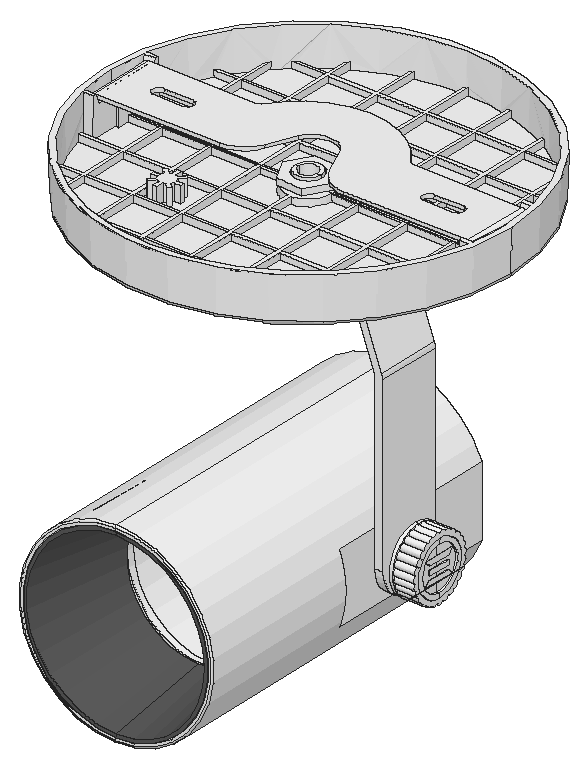
Revit family "STL22001BR_STL22001PTO", category Luminárias, Revit 2023 (continued)
Forms (m)
  Extrusion 66, void, not visible
    sketch origin (-0.567181, 0.000106, 2.344897) x (0, -1, 0) y (1, 0, 0)
      loop
        line (0.023624, 0.290159) -> (0.009543, 0.290159) -> (0.009543, 0.276078) -> (0.023624, 0.276078) -> (0.023624, 0.290159)
      loop
        line (0.041699, 0.290159) -> (0.024618, 0.290159) -> (0.024618, 0.276078) -> (0.041699, 0.276078) -> (0.041699, 0.290159)
      loop
        line (-0.066826, 0.290159) -> (-0.083907, 0.290159) -> (-0.083907, 0.276078) -> (-0.066826, 0.276078) -> (-0.066826, 0.290159)
      loop
        line (-0.006526, 0.305234) -> (-0.020607, 0.305234) -> (-0.020607, 0.291153) -> (-0.006526, 0.291153) -> (-0.006526, 0.305234)
      loop
        line (0.008549, 0.305234) -> (-0.005532, 0.305234) -> (-0.005532, 0.291153) -> (0.008549, 0.291153) -> (0.008549, 0.305234)
      loop
        line (-0.021601, 0.305234) -> (-0.035682, 0.305234) -> (-0.035682, 0.291153) -> (-0.021601, 0.291153) -> (-0.021601, 0.305234)
      loop
        line (-0.036676, 0.305234) -> (-0.050757, 0.305234) -> (-0.050757, 0.291153) -> (-0.036676, 0.291153) -> (-0.036676, 0.305234)
      loop
        line (-0.051751, 0.305234) -> (-0.065832, 0.305234) -> (-0.065832, 0.291153) -> (-0.051751, 0.291153) -> (-0.051751, 0.305234)
      loop
        line (0.023624, 0.305234) -> (0.009543, 0.305234) -> (0.009543, 0.291153) -> (0.023624, 0.291153) -> (0.023624, 0.305234)
      loop
        line (0.038699, 0.305234) -> (0.024618, 0.305234) -> (0.024618, 0.291153) -> (0.038699, 0.291153) -> (0.038699, 0.305234)
      loop
        line (-0.066826, 0.305234) -> (-0.080907, 0.305234) -> (-0.080907, 0.291153) -> (-0.066826, 0.291153) -> (-0.066826, 0.305234)
      loop
        line (-0.006526, 0.320309) -> (-0.020607, 0.320309) -> (-0.020607, 0.306228) -> (-0.006526, 0.306228) -> (-0.006526, 0.320309)
      loop
        line (0.008549, 0.320309) -> (-0.005532, 0.320309) -> (-0.005532, 0.306228) -> (0.008549, 0.306228) -> (0.008549, 0.320309)
      loop
        line (-0.021601, 0.320309) -> (-0.035682, 0.320309) -> (-0.035682, 0.306228) -> (-0.021601, 0.306228) -> (-0.021601, 0.320309)
      loop
        line (-0.036676, 0.320309) -> (-0.050757, 0.320309) -> (-0.050757, 0.306228) -> (-0.036676, 0.306228) -> (-0.036676, 0.320309)
      loop
        line (-0.051751, 0.320309) -> (-0.065832, 0.320309) -> (-0.065832, 0.306228) -> (-0.051751, 0.306228) -> (-0.051751, 0.320309)
      loop
        line (0.023624, 0.320309) -> (0.009543, 0.320309) -> (0.009543, 0.306228) -> (0.023624, 0.306228) -> (0.023624, 0.320309)
      loop
        line (0.038699, 0.320309) -> (0.024618, 0.320309) -> (0.024618, 0.306228) -> (0.038699, 0.306228) -> (0.038699, 0.320309)
      loop
        line (-0.066826, 0.320309) -> (-0.080907, 0.320309) -> (-0.080907, 0.306228) -> (-0.066826, 0.306228) -> (-0.066826, 0.320309)
      loop
        line (-0.006526, 0.338384) -> (-0.020607, 0.338384) -> (-0.020607, 0.321303) -> (-0.006526, 0.321303) -> (-0.006526, 0.338384)
      loop
        line (0.008549, 0.335384) -> (-0.005532, 0.335384) -> (-0.005532, 0.321303) -> (0.008549, 0.321303) -> (0.008549, 0.335384)
      loop
        line (-0.021601, 0.338384) -> (-0.035682, 0.338384) -> (-0.035682, 0.321303) -> (-0.021601, 0.321303) -> (-0.021601, 0.338384)
      loop
        line (-0.036676, 0.335384) -> (-0.050757, 0.335384) -> (-0.050757, 0.321303) -> (-0.036676, 0.321303) -> (-0.036676, 0.335384)
      loop
        line (-0.051751, 0.335384) -> (-0.065832, 0.335384) -> (-0.065832, 0.321303) -> (-0.051751, 0.321303) -> (-0.051751, 0.335384)
      loop
        line (0.023624, 0.335384) -> (0.009543, 0.335384) -> (0.009543, 0.321303) -> (0.023624, 0.321303) -> (0.023624, 0.335384)
    from 0.127043 to 0.129053
  Revolve 67, void, not visible
    sketch origin (-0.567181, 0.02121, -0.037103) x (1, 0, 0) y (0, 0, 1)
      loop
        line (0.285634, 2.509043) -> (0.283094, 2.509043) -> (0.282996, 2.511053) -> (0.275581, 2.511053) -> (0.275581, 2.505023) -> (0.285423, 2.505023) -> (0.285634, 2.509043)
      axis (0.275581, 2.505023) -> (0.275581, 2.511053)
    angle from 0 to 360
  Extrusion 68, solid, material "Al - Branco" <- "Estrutura", not visible
    sketch origin (-0.567181, 0.000106, 2.344897) x (0, -1, 0) y (1, 0, 0)
      loop
        line (-0.001586, 0.247629) -> (-0.000756, 0.246799) -> (0.000883, 0.248437)
        arc (0.000883, 0.248437) -> (0.001234, 0.248258) -> (0.001609, 0.248134) r 0.002577
        line (0.001609, 0.248134) -> (0.001609, 0.245928) -> (0.002783, 0.245928) -> (0.002783, 0.24812)
        arc (0.002783, 0.24812) -> (0.003169, 0.248238) -> (0.003532, 0.248415) r 0.002577
        line (0.003532, 0.248415) -> (0.005148, 0.246799) -> (0.005979, 0.247629) -> (0.004382, 0.249226)
        arc (0.004382, 0.249226) -> (0.004583, 0.249596) -> (0.004721, 0.249994) r 0.002577
        line (0.004721, 0.249994) -> (0.006958, 0.249994) -> (0.006958, 0.251168) -> (0.004747, 0.251168)
        arc (0.004747, 0.251168) -> (0.00462, 0.251588) -> (0.004424, 0.251979) r 0.002577
        line (0.004424, 0.251979) -> (0.005979, 0.253533) -> (0.00514, 0.254372) -> (0.003589, 0.252822)
        arc (0.003589, 0.252822) -> (0.0032, 0.253021) -> (0.002783, 0.253151) r 0.002577
        line (0.002783, 0.253151) -> (0.002783, 0.255343) -> (0.001609, 0.255343) -> (0.001609, 0.253137)
        arc (0.001609, 0.253137) -> (0.001203, 0.253) -> (0.000825, 0.252798) r 0.002577
        line (0.000825, 0.252798) -> (-0.000756, 0.254364) -> (-0.001586, 0.253533) -> (0.000005, 0.251942)
        arc (0.000005, 0.251942) -> (-0.000176, 0.251567) -> (-0.000295, 0.251168) r 0.002577
        line (-0.000295, 0.251168) -> (-0.002566, 0.251168) -> (-0.002566, 0.249994) -> (-0.000269, 0.249994)
        arc (-0.000269, 0.249994) -> (-0.00014, 0.249616) -> (0.000046, 0.249262) r 0.002577
        line (0.000046, 0.249262) -> (-0.001586, 0.247629)
    from 0.127043 to 0.132043
  Extrusion 69, solid, material "Al - Branco" <- "Estrutura", not visible
    sketch origin (-0.568282, 0.18023, 0.036664) x (1, 0, 0) y (0, 0, 1)
      loop
        line (0.217541, 2.445054) -> (0.217541, 2.434804) -> (0.218541, 2.434804) -> (0.218541, 2.444972)
        arc (0.218541, 2.444972) -> (0.218708, 2.445375) -> (0.219111, 2.445542) r 0.00057
        line (0.219111, 2.445542) -> (0.334271, 2.445542)
        arc (0.334271, 2.445542) -> (0.334674, 2.445375) -> (0.334841, 2.444972) r 0.00057
        line (0.334841, 2.444972) -> (0.334841, 2.434804) -> (0.335841, 2.434804) -> (0.335841, 2.445054)
        arc (0.335841, 2.445054) -> (0.335401, 2.446114) -> (0.334341, 2.446554) r 0.0015
        line (0.334341, 2.446554) -> (0.219041, 2.446554)
        arc (0.219041, 2.446554) -> (0.21798, 2.446114) -> (0.217541, 2.445054) r 0.0015
    from 0.133879 to 0.169382
  Extrusion 70, void, not visible
    sketch origin (-0.568282, 0.159126, 2.418664) x (0, -1, 0) y (1, 0, 0)
      loop
        arc (0.123099, 0.256839) -> (0.114365, 0.276706) -> (0.123099, 0.296573) r 0.026962
        line (0.123099, 0.296573) -> (0.126919, 0.299483)
        arc (0.126919, 0.299483) -> (0.127439, 0.300141) -> (0.127578, 0.300967) r 0.001688
        line (0.127578, 0.300967) -> (0.127578, 0.336372) -> (0.112283, 0.336372) -> (0.112283, 0.217041) -> (0.127578, 0.217041) -> (0.127578, 0.252445)
        arc (0.127578, 0.252445) -> (0.127439, 0.253272) -> (0.126919, 0.253929) r 0.001688
        line (0.126919, 0.253929) -> (0.123099, 0.256839)
      loop
        arc (0.14215, 0.266722) -> (0.146607, 0.263037) -> (0.148278, 0.257502) r 0.01
        line (0.148278, 0.257502) -> (0.148278, 0.295911)
        arc (0.148278, 0.295911) -> (0.146607, 0.290375) -> (0.14215, 0.286691) r 0.01
        line (0.14215, 0.286691) -> (0.133999, 0.283268)
        arc (0.133999, 0.283268) -> (0.129638, 0.276706) -> (0.133999, 0.270145) r 0.007117
        line (0.133999, 0.270145) -> (0.14215, 0.266722)
      loop
        arc (0.135928, 0.230441) -> (0.137928, 0.228441) -> (0.139928, 0.230441) r 0.002
        line (0.139928, 0.230441) -> (0.139928, 0.239441)
        arc (0.139928, 0.239441) -> (0.137928, 0.241441) -> (0.135928, 0.239441) r 0.002
        line (0.135928, 0.239441) -> (0.135928, 0.230441)
      loop
        arc (0.135928, 0.313941) -> (0.137928, 0.311941) -> (0.139928, 0.313941) r 0.002
        line (0.139928, 0.313941) -> (0.139928, 0.322941)
        arc (0.139928, 0.322941) -> (0.137928, 0.324941) -> (0.135928, 0.322941) r 0.002
        line (0.135928, 0.322941) -> (0.135928, 0.313941)
    from 0.051744 to 0.065839
  Extrusion 71, void, not visible
    sketch origin (-0.559882, 0.159126, 0.036664) x (0, 1, 0) y (0, 0, 1)
      loop
        line (-0.148278, 2.434804) -> (-0.146278, 2.434804)
        arc (-0.146278, 2.434804) -> (-0.147693, 2.43539) -> (-0.148278, 2.436804) r 0.002
        line (-0.148278, 2.436804) -> (-0.148278, 2.434804)
      loop
        line (-0.127578, 2.434804) -> (-0.127578, 2.436804)
        arc (-0.127578, 2.436804) -> (-0.128164, 2.43539) -> (-0.129578, 2.434804) r 0.002
        line (-0.129578, 2.434804) -> (-0.127578, 2.434804)
      loop
        arc (-0.139678, 2.439804) -> (-0.137928, 2.438054) -> (-0.136178, 2.439804) r 0.00175
        line (-0.136178, 2.439804) -> (-0.136178, 2.440804)
        arc (-0.136178, 2.440804) -> (-0.137928, 2.442554) -> (-0.139678, 2.440804) r 0.00175
        line (-0.139678, 2.440804) -> (-0.139678, 2.439804)
    from 0.209141 to 0.327441
  Extrusion 72, solid, material "Al - Branco" <- "Estrutura", not visible
    sketch origin (-0.558781, 0.000106, -0.037103) x (0, 1, 0) y (0, 0, 1)
      loop
        line (0.008541, 2.509043) -> (0.033666, 2.509043) -> (0.033561, 2.521103) -> (0.008647, 2.521103) -> (0.008541, 2.509043)
    from 0.204546 to 0.211906
  Extrusion 73, void, not visible
    sketch origin (-0.558781, 0.000106, -0.037103) x (0, 1, 0) y (0, 0, 1)
      loop
        line (0.009572, 2.521103) -> (0.010551, 2.518088) -> (0.031656, 2.518088) -> (0.032636, 2.521103) -> (0.009572, 2.521103)
    from 0.204007 to 0.211906
  Revolve 74, void, not visible
    sketch origin (-0.567181, 0.02121, -0.037103) x (1, 0, 0) y (0, 0, 1)
      loop
        line (0.336363, 2.508007) -> (0.342572, 2.508007) -> (0.342572, 2.521103) -> (0.336594, 2.521103) -> (0.336363, 2.508007)
      axis (0.275581, 2.508007) -> (0.275581, 2.521103)
    angle from 0 to 360
  Extrusion 75, void, not visible
    sketch origin (-0.567181, 0.000106, 2.344897) x (0, -1, 0) y (1, 0, 0)
      loop
        line (-0.031656, 0.217362) -> (-0.031656, 0.214286) -> (-0.010551, 0.214286) -> (-0.010551, 0.217362) -> (-0.031656, 0.217362)
      loop
        line (-0.017084, 0.219195) -> (-0.008072, 0.219195) -> (-0.008072, 0.220723) -> (-0.017084, 0.220723) -> (-0.017084, 0.219195)
      loop
        line (-0.025124, 0.219195) -> (-0.025124, 0.220723) -> (-0.034136, 0.220723) -> (-0.034136, 0.219195) -> (-0.025124, 0.219195)
    from 0.127043 to 0.139103
  Extrusion 76, void, not visible
    sketch origin (-0.567181, 0.02121, -0.037103) x (1, 0, 0) y (0, 0, 1)
      loop
        line (0.219195, 2.518987) -> (0.21628, 2.518987) -> (0.21628, 2.516072) -> (0.219195, 2.518987)
    from -0.010552 to 0.010552
  Revolve 77, void, not visible
    sketch origin (-0.567181, 0.02121, -0.037103) x (1, 0, 0) y (0, 0, 1)
      loop
        line (0.216888, 2.513566) -> (0.221323, 2.513566) -> (0.221323, 2.514571) -> (0.216888, 2.514571) -> (0.216888, 2.513566)
      axis (0.216888, 2.514571) -> (0.221323, 2.514571)
    angle from 0 to 360
  Extrusion 78, solid, material "Al - Branco" <- "Estrutura", not visible
    sketch origin (-0.024189, 0.000106, -0.037103) x (0, 1, 0) y (0, 0, -1)
      loop
        line (0.008541, -2.509043) -> (0.008647, -2.521103) -> (0.033561, -2.521103) -> (0.033666, -2.509043) -> (0.008541, -2.509043)
    from 0.204546 to 0.211906
  Extrusion 79, void, not visible
    sketch origin (-0.024189, 0.000106, -0.037103) x (0, 1, 0) y (0, 0, -1)
      loop
        line (0.009572, -2.521103) -> (0.032636, -2.521103) -> (0.031656, -2.518088) -> (0.010551, -2.518088) -> (0.009572, -2.521103)
    from 0.204007 to 0.211906
  Extrusion 80, void, not visible
    sketch origin (-0.015789, 0.000106, 2.344897) x (0, 1, 0) y (-1, 0, 0)
      loop
        line (0.031656, 0.217362) -> (0.010551, 0.217362) -> (0.010551, 0.214286) -> (0.031656, 0.214286) -> (0.031656, 0.217362)
      loop
        line (0.017084, 0.219195) -> (0.017084, 0.220723) -> (0.008072, 0.220723) -> (0.008072, 0.219195) -> (0.017084, 0.219195)
      loop
        line (0.025124, 0.219195) -> (0.034136, 0.219195) -> (0.034136, 0.220723) -> (0.025124, 0.220723) -> (0.025124, 0.219195)
    from 0.127043 to 0.139103
  Revolve 81, void, not visible
    sketch origin (-0.015789, 0.02121, -0.037103) x (-1, 0, 0) y (0, 0, -1)
      loop
        line (0.216888, -2.513566) -> (0.216888, -2.514571) -> (0.221323, -2.514571) -> (0.221323, -2.513566) -> (0.216888, -2.513566)
      axis (0.216888, -2.514571) -> (0.221323, -2.514571)
    angle from 0 to 360
  Extrusion 82, solid, material "Al - Branco" <- "Estrutura", not visible
    sketch origin (-0.567181, 0.000106, 2.344897) x (0, -1, 0) y (1, 0, 0)
      loop
        line (-0.021424, 0.267505) -> (-0.014269, 0.271266) -> (-0.01395, 0.279343) -> (-0.020784, 0.283658) -> (-0.027939, 0.279896) -> (-0.028258, 0.27182) -> (-0.021424, 0.267505)
      loop
        circle (-0.021104, 0.275581) r 0.0045
    from 0.130323 to 0.132323
  Revolve 83, solid, material "Al - Branco" <- "Estrutura", not visible
    sketch origin (-0.567181, 0.02121, -0.037103) x (1, 0, 0) y (0, 0, 1)
      loop
        line (0.279051, 2.510293) -> (0.279051, 2.498523) -> (0.280779, 2.498523)
        arc (0.280779, 2.498523) -> (0.281345, 2.498757) -> (0.281579, 2.499323) r 0.0008
        line (0.281579, 2.499323) -> (0.281579, 2.500523) -> (0.279589, 2.500523) -> (0.279589, 2.515023) -> (0.278481, 2.515023) -> (0.278481, 2.509723) -> (0.279051, 2.510293)
      axis (0.275581, 2.498523) -> (0.275581, 2.515023)
    angle from 0 to 360
  Extrusion 84, void, not visible
    sketch origin (-0.016019, 0.02121, -0.037103) x (-1, 0, 0) y (0, 0, -1)
      loop
        line (0.219195, -2.518987) -> (0.21628, -2.516072) -> (0.21628, -2.518987) -> (0.219195, -2.518987)
    from -0.010552 to 0.010552
Cuts and joins
  Extrusion 2, Extrusion 3 cuts Revolve 1
  Extrusion 5, Extrusion 9 cuts Blend 4
  Extrusion 8, Extrusion 9, Revolve 10 cuts Revolve 7
  Extrusion 9 cuts Revolve 6
  Extrusion 23 cuts Revolve 21
  Extrusion 23, Extrusion 24 cuts Extrusion 22
  Extrusion 31 cuts Revolve 27
  Extrusion 34, Extrusion 46, Extrusion 54 cuts Revolve 33
  Extrusion 34, Extrusion 36, Revolve 37, Extrusion 45, Extrusion 49, Extrusion 50, Revolve 51, Extrusion 54 cuts Revolve 35
  Extrusion 54 cuts Extrusion 38
  Extrusion 43, Revolve 44, Extrusion 45, Extrusion 46, Revolve 47, Extrusion 49, Extrusion 50, Revolve 51, Extrusion 54 cuts Extrusion 42
  Revolve 44, Extrusion 49, Extrusion 50, Revolve 51, Extrusion 54 cuts Extrusion 48
  Extrusion 54 cuts Extrusion 52
  joined: Revolve 33, Revolve 35, Extrusion 38, Extrusion 42, Extrusion 48, Extrusion 52
  Extrusion 40, Extrusion 41 cuts Extrusion 39
Dimensions and locks (m)
  "Diâmetro do Spot": plane 10 to plane 9
  "Comprimento do Spot": plane 8 to plane 7
  "Altura do Spot": plane 6 "Superior" to plane 5
  "Diâmetro da canopla": plane 13 to plane 12
  aligned and locked: level to plane 2
  aligned and locked: Blend 4 to cut or joined group of Revolve 1, Extrusion 2, Extrusion 3  (x2)
  aligned and locked: Extrusion 22 to Extrusion 24
  aligned and locked: Extrusion 24 to Extrusion 22
  aligned and locked: Extrusion 28 to Extrusion 30
  aligned and locked: Extrusion 30 to Revolve 32
  aligned and locked: Extrusion 56 to Extrusion 58
  aligned and locked: Extrusion 58 to Revolve 60
Automatic sketch dimensions
  Revolve 61 sketch curve to Revolve 61 sketch curve = 0.019185 m
  Revolve 61 sketch curve to Revolve 61 sketch curve = 0 m  (x4)
  Revolve 61 sketch curve to Revolve 61 sketch curve = 0.0015 m
  Revolve 61 sketch curve to Revolve 61 sketch curve = 0.004578 m
  Revolve 61 sketch curve to Revolve 61 sketch curve = 0.000031 m
  Revolve 61 sketch curve to Revolve 61 sketch curve = 0.001436 m
  Revolve 61 sketch curve to Revolve 61 sketch curve = 0.000029 m
  Revolve 61 sketch curve to Revolve 61 sketch curve = 0.000265 m
  Revolve 61 sketch curve to Revolve 61 sketch curve = 0.001241 m
  Revolve 61 sketch curve to Revolve 61 sketch curve = 0.000709 m
  Revolve 61 sketch curve to Revolve 61 sketch curve = 0.000089 m
  Revolve 61 sketch curve to Revolve 61 sketch curve = 0.001 m
  Revolve 61 sketch curve to Revolve 61 sketch curve = 0.000253 m
  Revolve 61 sketch curve to Revolve 61 sketch curve = 0.008168 m
  Revolve 61 sketch curve to Revolve 61 sketch curve = 0.003315 m
  Revolve 61 sketch curve to Revolve 61 sketch curve = 0.001523 m
  Revolve 61 sketch curve to Revolve 61 sketch curve = 0.001322 m
  Revolve 61 sketch curve to Revolve 61 sketch curve = 0.000263 m
  Revolve 61 sketch curve to Revolve 61 sketch curve = 0.001356 m
  Revolve 61 sketch curve to Revolve 61 sketch curve = 0.002789 m
  Revolve 61 sketch curve to Revolve 61 sketch curve = 0.000319 m
  Revolve 61 sketch curve to Revolve 61 sketch curve = 0.002418 m
  Revolve 61 sketch curve to Revolve 61 sketch curve = 0.001332 m
  Revolve 61 sketch curve to Revolve 61 sketch curve = 0.000058 m
  Revolve 61 sketch curve to Revolve 61 sketch curve = 0.001756 m
  Revolve 61 sketch curve to Revolve 61 sketch curve = 0.005282 m
  Revolve 61 sketch curve to Revolve 61 sketch curve = 0.021974 m
  Revolve 61 sketch curve to Revolve 61 sketch curve = 0.0275 m
  Revolve 33 sketch curve to Revolve 33 sketch curve = 0.007415 m
  Revolve 33 sketch curve to Revolve 33 sketch curve = 0.000098 m
  Revolve 33 sketch curve to Revolve 33 sketch curve = 0.002329 m
  Revolve 33 sketch curve to Revolve 33 sketch curve = 0.000105 m
  Revolve 33 sketch curve to Revolve 33 sketch curve = 0.050853 m
  Revolve 33 sketch curve to Revolve 33 sketch curve = 0.000213 m
  Revolve 33 sketch curve to Revolve 33 sketch curve = 0.000588 m
  Revolve 33 sketch curve to Revolve 33 sketch curve = 0.000008 m
  Revolve 33 sketch curve to Revolve 33 sketch curve = 0.001005 m
  Revolve 33 sketch curve to Revolve 33 sketch curve = 0.001799 m
  Revolve 33 sketch curve to Revolve 33 sketch curve = 0.00201 m  (x3)
  Revolve 33 sketch curve to Revolve 33 sketch curve = 0.000973 m
  Revolve 33 sketch curve to Revolve 33 sketch curve = 0.01206 m
  Revolve 33 sketch curve to Revolve 33 sketch curve = 0 m
  Revolve 33 sketch curve to Revolve 33 sketch curve = 0.005 m
  Revolve 33 sketch curve to Revolve 33 sketch curve = 0.01397 m
  Extrusion 34 sketch curve to Extrusion 34 sketch curve = 0 m  (x2)
  Extrusion 34 sketch curve to Extrusion 34 sketch curve = 0.003048 m  (x3)
  Extrusion 34 sketch curve to Extrusion 34 sketch curve = 0.00412 m
  Revolve 35 sketch curve to Revolve 35 sketch curve = 0.0608 m
  Revolve 35 sketch curve to Revolve 35 sketch curve = 0.000035 m
  Revolve 35 sketch curve to Revolve 35 sketch curve = 0.00201 m  (x2)
  Revolve 35 sketch curve to Revolve 35 sketch curve = 0 m
  Revolve 35 sketch curve to Revolve 35 sketch curve = 0.002247 m
  Extrusion 36 sketch curve to Extrusion 36 sketch curve = 0 m  (x75)
  Extrusion 36 sketch curve to Extrusion 36 sketch curve = 0.003 m  (x6)
  Extrusion 36 sketch curve to Extrusion 36 sketch curve = 0.014081 m  (x69)
  Extrusion 36 sketch curve to Extrusion 36 sketch curve = 0.000994 m  (x88)
  Revolve 37 sketch curve to Revolve 37 sketch curve = 0.007415 m
  Revolve 37 sketch curve to Revolve 37 sketch curve = 0.000098 m
  Revolve 37 sketch curve to Revolve 37 sketch curve = 0.002329 m
  Revolve 37 sketch curve to Revolve 37 sketch curve = 0.00254 m
  Revolve 37 sketch curve to Revolve 37 sketch curve = 0.00402 m
  Revolve 37 sketch curve to Revolve 37 sketch curve = 0.00201 m
  Revolve 37 sketch curve to Revolve 37 sketch curve = 0 m
  Revolve 37 sketch curve to Revolve 37 sketch curve = 0.005 m
  Revolve 37 sketch curve to Revolve 37 sketch curve = 0.01397 m
  Extrusion 38 sketch curve to Extrusion 38 sketch curve = 0 m  (x56)
  Extrusion 38 sketch curve to Extrusion 38 sketch curve = 0.00098 m  (x2)
  Extrusion 38 sketch curve to Extrusion 38 sketch curve = 0.000831 m  (x6)
  Extrusion 38 sketch curve to Extrusion 38 sketch curve = 0.002271 m
  Extrusion 38 sketch curve to Extrusion 38 sketch curve = 0.000026 m
  Extrusion 38 sketch curve to Extrusion 38 sketch curve = 0.0003 m
  Extrusion 38 sketch curve to Extrusion 38 sketch curve = 0.000316 m
  Extrusion 38 sketch curve to Extrusion 38 sketch curve = 0.00082 m
  Extrusion 38 sketch curve to Extrusion 38 sketch curve = 0.000836 m
  Extrusion 38 sketch curve to Extrusion 38 sketch curve = 0.000726 m
  Extrusion 38 sketch curve to Extrusion 38 sketch curve = 0.000784 m
  Extrusion 38 sketch curve to Extrusion 38 sketch curve = 0.002221 m
  Extrusion 38 sketch curve to Extrusion 38 sketch curve = 0.001175 m  (x4)
  Extrusion 38 sketch curve to Extrusion 38 sketch curve = 0.000749 m
  Extrusion 38 sketch curve to Extrusion 38 sketch curve = 0.000806 m
  Extrusion 38 sketch curve to Extrusion 38 sketch curve = 0.00085 m
  Extrusion 38 sketch curve to Extrusion 38 sketch curve = 0.000835 m
  Extrusion 38 sketch curve to Extrusion 38 sketch curve = 0.000339 m
  Extrusion 38 sketch curve to Extrusion 38 sketch curve = 0.000322 m
  Extrusion 38 sketch curve to Extrusion 38 sketch curve = 0.00155 m
  Extrusion 38 sketch curve to Extrusion 38 sketch curve = 0.001616 m
  Extrusion 38 sketch curve to Extrusion 38 sketch curve = 0.000839 m
  Extrusion 38 sketch curve to Extrusion 38 sketch curve = 0.002237 m
  Extrusion 38 sketch curve to Extrusion 38 sketch curve = 0.00087 m  (x2)
  Extrusion 38 sketch curve to Extrusion 38 sketch curve = 0.000295 m
  Extrusion 38 sketch curve to Extrusion 38 sketch curve = 0.000014 m
  Extrusion 38 sketch curve to Extrusion 38 sketch curve = 0.000825 m
  Extrusion 38 sketch curve to Extrusion 38 sketch curve = 0.000856 m
  Extrusion 38 sketch curve to Extrusion 38 sketch curve = 0.000843 m
  Extrusion 38 sketch curve to Extrusion 38 sketch curve = 0.001591 m
  Extrusion 38 sketch curve to Extrusion 38 sketch curve = 0.002206 m
  Extrusion 39 sketch curve to Extrusion 39 sketch curve = 0.001 m  (x2)
  Extrusion 39 sketch curve to Extrusion 39 sketch curve = 0.0005 m
  Extrusion 39 sketch curve to Extrusion 39 sketch curve = 0.00007 m  (x2)
  Extrusion 39 sketch curve to Extrusion 39 sketch curve = 0.11516 m
  Extrusion 39 sketch curve to Extrusion 39 sketch curve = 0.00057 m
  Extrusion 39 sketch curve to Extrusion 39 sketch curve = 0 m
  Extrusion 39 sketch curve to Extrusion 39 sketch curve = 0.010169 m
  Extrusion 39 sketch curve to Extrusion 39 sketch curve = 0.000081 m
  Extrusion 40 sketch curve to Extrusion 40 sketch curve = 0.010816 m
  Extrusion 40 sketch curve to Extrusion 40 sketch curve = 0 m  (x3)
  Extrusion 40 sketch curve to Extrusion 40 sketch curve = 0.002797 m  (x2)
  Extrusion 40 sketch curve to Extrusion 40 sketch curve = 0.001023 m  (x2)
  Extrusion 40 sketch curve to Extrusion 40 sketch curve = 0.015296 m  (x2)
  Extrusion 40 sketch curve to Extrusion 40 sketch curve = 0.010901 m
  Extrusion 40 sketch curve to Extrusion 40 sketch curve = 0.00835 m  (x2)
  Extrusion 40 sketch curve to Extrusion 40 sketch curve = 0.002756 m
  Extrusion 40 sketch curve to Extrusion 40 sketch curve = 0.002 m  (x2)
  Extrusion 40 sketch curve to Extrusion 40 sketch curve = 0.0107 m  (x2)
  Extrusion 40 sketch curve to Extrusion 40 sketch curve = 0.004572 m
  Extrusion 40 sketch curve to Extrusion 40 sketch curve = 0.008151 m  (x2)
  Extrusion 40 sketch curve to Extrusion 40 sketch curve = 0.01 m
  Extrusion 40 sketch curve to Extrusion 40 sketch curve = 0.0134 m
  Extrusion 40 sketch curve to Extrusion 40 sketch curve = 0.009 m  (x2)
  Extrusion 40 sketch curve to Extrusion 40 sketch curve = 0.013004 m
  Extrusion 40 sketch curve to Extrusion 40 sketch curve = 0.000141 m
  Extrusion 40 sketch curve to Extrusion 40 sketch curve = 0.00291 m  (x2)
  Extrusion 40 sketch curve to Extrusion 40 sketch curve = 0.018061 m
  Extrusion 40 sketch curve to Extrusion 40 sketch curve = 0.003423 m  (x2)
  Extrusion 40 sketch curve to Extrusion 40 sketch curve = 0.006562 m
  Extrusion 40 sketch curve to Extrusion 40 sketch curve = 0.001343 m
  Extrusion 40 sketch curve to Extrusion 40 sketch curve = 0.012973 m
  Extrusion 40 sketch curve to Extrusion 40 sketch curve = 0.013431 m
  Extrusion 41 sketch curve to Extrusion 41 sketch curve = 0.002 m  (x2)
  Extrusion 41 sketch curve to Extrusion 41 sketch curve = 0.0066 m  (x2)
  Extrusion 41 sketch curve to Extrusion 41 sketch curve = 0.00175 m
  Extrusion 41 sketch curve to Extrusion 41 sketch curve = 0 m
  Extrusion 41 sketch curve to Extrusion 41 sketch curve = 0.003 m
  Extrusion 41 sketch curve to Extrusion 41 sketch curve = 0.001 m
  Extrusion 42 sketch curve to Extrusion 42 sketch curve = 0.000105 m  (x2)
  Extrusion 42 sketch curve to Extrusion 42 sketch curve = 0.024915 m
  Extrusion 42 sketch curve to Extrusion 42 sketch curve = 0.01206 m
  Extrusion 43 sketch curve to Extrusion 43 sketch curve = 0.00098 m  (x2)
  Extrusion 43 sketch curve to Extrusion 43 sketch curve = 0.021105 m
  Extrusion 43 sketch curve to Extrusion 43 sketch curve = 0.003015 m
  Revolve 44 sketch curve to Revolve 44 sketch curve = 0.000231 m
  Revolve 44 sketch curve to Revolve 44 sketch curve = 0.005978 m
  Revolve 44 sketch curve to Revolve 44 sketch curve = 0.013097 m
  Revolve 44 sketch curve to Revolve 44 sketch curve = 0.060782 m
  Revolve 44 sketch curve to Revolve 44 sketch curve = 0.007983 m
  Revolve 44 sketch curve to Revolve 44 sketch curve = 0.025 m
  Extrusion 45 sketch curve to Extrusion 45 sketch curve = 0.00248 m  (x2)
  Extrusion 45 sketch curve to Extrusion 45 sketch curve = 0.006532 m  (x2)
  Extrusion 45 sketch curve to Extrusion 45 sketch curve = 0.00804 m
  Extrusion 45 sketch curve to Extrusion 45 sketch curve = 0.003076 m
  Extrusion 45 sketch curve to Extrusion 45 sketch curve = 0.001833 m  (x2)
  Extrusion 45 sketch curve to Extrusion 45 sketch curve = 0.001528 m  (x2)
  Extrusion 46 sketch curve to Extrusion 46 sketch curve = 0.002914 m  (x2)
  Revolve 47 sketch curve to Revolve 47 sketch curve = 0.004434 m
  Revolve 47 sketch curve to Revolve 47 sketch curve = 0.001005 m
  Revolve 47 sketch curve to Revolve 47 sketch curve = 0.00002 m
  Revolve 47 sketch curve to Revolve 47 sketch curve = 0.000779 m
  Revolve 47 sketch curve to Revolve 47 sketch curve = 0 m
  Extrusion 48 sketch curve to Extrusion 48 sketch curve = 0.000105 m  (x2)
  Extrusion 48 sketch curve to Extrusion 48 sketch curve = 0.024915 m
  Extrusion 48 sketch curve to Extrusion 48 sketch curve = 0.01206 m
  Extrusion 49 sketch curve to Extrusion 49 sketch curve = 0.00098 m  (x2)
  Extrusion 49 sketch curve to Extrusion 49 sketch curve = 0.021105 m
  Extrusion 49 sketch curve to Extrusion 49 sketch curve = 0.003015 m
  Extrusion 50 sketch curve to Extrusion 50 sketch curve = 0.00248 m  (x2)
  Extrusion 50 sketch curve to Extrusion 50 sketch curve = 0.006532 m  (x2)
  Extrusion 50 sketch curve to Extrusion 50 sketch curve = 0.00804 m
  Extrusion 50 sketch curve to Extrusion 50 sketch curve = 0.003076 m
  Extrusion 50 sketch curve to Extrusion 50 sketch curve = 0.001833 m  (x2)
  Extrusion 50 sketch curve to Extrusion 50 sketch curve = 0.001528 m  (x2)
  Revolve 51 sketch curve to Revolve 51 sketch curve = 0.004434 m
  Revolve 51 sketch curve to Revolve 51 sketch curve = 0.001005 m
  Revolve 51 sketch curve to Revolve 51 sketch curve = 0.00002 m
  Revolve 51 sketch curve to Revolve 51 sketch curve = 0.000779 m
  Revolve 51 sketch curve to Revolve 51 sketch curve = 0 m
  Extrusion 52 sketch curve to Extrusion 52 sketch curve = 0 m  (x2)
  Extrusion 52 sketch curve to Extrusion 52 sketch curve = 0.00032 m  (x3)
  Extrusion 52 sketch curve to Extrusion 52 sketch curve = 0.006835 m  (x3)
  Extrusion 52 sketch curve to Extrusion 52 sketch curve = 0.003761 m
  Extrusion 52 sketch curve to Extrusion 52 sketch curve = 0.004315 m  (x2)
  Extrusion 52 sketch curve to Extrusion 52 sketch curve = 0.008077 m  (x3)
  Extrusion 52 sketch curve to Extrusion 52 sketch curve = 0.000142 m  (x2)
  Extrusion 52 sketch curve to Extrusion 52 sketch curve = 0.00358 m
  Revolve 53 sketch curve to Revolve 53 sketch curve = 0.00057 m  (x2)
  Revolve 53 sketch curve to Revolve 53 sketch curve = 0.001107 m
  Revolve 53 sketch curve to Revolve 53 sketch curve = 0.001191 m
  Revolve 53 sketch curve to Revolve 53 sketch curve = 0.0008 m
  Revolve 53 sketch curve to Revolve 53 sketch curve = 0.0012 m
  Revolve 53 sketch curve to Revolve 53 sketch curve = 0.0092 m
  Revolve 53 sketch curve to Revolve 53 sketch curve = 0.00473 m
  Revolve 53 sketch curve to Revolve 53 sketch curve = 0.0029 m
  Revolve 53 sketch curve to Revolve 53 sketch curve = 0 m  (x2)
  Extrusion 54 sketch curve to Extrusion 54 sketch curve = 0.002914 m  (x2)
  Revolve 63 sketch curve to Revolve 63 sketch curve = 0.007415 m
  Revolve 63 sketch curve to Revolve 63 sketch curve = 0.000098 m
  Revolve 63 sketch curve to Revolve 63 sketch curve = 0.002329 m
  Revolve 63 sketch curve to Revolve 63 sketch curve = 0.000105 m
  Revolve 63 sketch curve to Revolve 63 sketch curve = 0.050853 m
  Revolve 63 sketch curve to Revolve 63 sketch curve = 0.000213 m
  Revolve 63 sketch curve to Revolve 63 sketch curve = 0.000588 m
  Revolve 63 sketch curve to Revolve 63 sketch curve = 0.000008 m
  Revolve 63 sketch curve to Revolve 63 sketch curve = 0.001005 m
  Revolve 63 sketch curve to Revolve 63 sketch curve = 0.001799 m
  Revolve 63 sketch curve to Revolve 63 sketch curve = 0.00201 m  (x3)
  Revolve 63 sketch curve to Revolve 63 sketch curve = 0.000973 m
  Revolve 63 sketch curve to Revolve 63 sketch curve = 0.01206 m
  Revolve 63 sketch curve to Revolve 63 sketch curve = 0 m
  Revolve 63 sketch curve to Revolve 63 sketch curve = 0.005 m
  Revolve 63 sketch curve to Revolve 63 sketch curve = 0.01397 m
  Extrusion 64 sketch curve to Extrusion 64 sketch curve = 0 m  (x2)
  Extrusion 64 sketch curve to Extrusion 64 sketch curve = 0.003048 m  (x3)
  Extrusion 64 sketch curve to Extrusion 64 sketch curve = 0.00412 m
  Revolve 65 sketch curve to Revolve 65 sketch curve = 0.0608 m
  Revolve 65 sketch curve to Revolve 65 sketch curve = 0.000035 m
  Revolve 65 sketch curve to Revolve 65 sketch curve = 0.00201 m  (x2)
  Revolve 65 sketch curve to Revolve 65 sketch curve = 0 m
  Revolve 65 sketch curve to Revolve 65 sketch curve = 0.002247 m
  Extrusion 66 sketch curve to Extrusion 66 sketch curve = 0 m  (x75)
  Extrusion 66 sketch curve to Extrusion 66 sketch curve = 0.003 m  (x6)
  Extrusion 66 sketch curve to Extrusion 66 sketch curve = 0.014081 m  (x69)
  Extrusion 66 sketch curve to Extrusion 66 sketch curve = 0.000994 m  (x88)
  Revolve 67 sketch curve to Revolve 67 sketch curve = 0.007415 m
  Revolve 67 sketch curve to Revolve 67 sketch curve = 0.000098 m
  Revolve 67 sketch curve to Revolve 67 sketch curve = 0.002329 m
  Revolve 67 sketch curve to Revolve 67 sketch curve = 0.00254 m
  Revolve 67 sketch curve to Revolve 67 sketch curve = 0.00402 m
  Revolve 67 sketch curve to Revolve 67 sketch curve = 0.00201 m
  Revolve 67 sketch curve to Revolve 67 sketch curve = 0 m
  Revolve 67 sketch curve to Revolve 67 sketch curve = 0.005 m
  Revolve 67 sketch curve to Revolve 67 sketch curve = 0.01397 m
  Extrusion 68 sketch curve to Extrusion 68 sketch curve = 0 m  (x56)
  Extrusion 68 sketch curve to Extrusion 68 sketch curve = 0.00098 m  (x2)
  Extrusion 68 sketch curve to Extrusion 68 sketch curve = 0.000831 m  (x6)
  Extrusion 68 sketch curve to Extrusion 68 sketch curve = 0.002271 m
  Extrusion 68 sketch curve to Extrusion 68 sketch curve = 0.000026 m
  Extrusion 68 sketch curve to Extrusion 68 sketch curve = 0.0003 m
  Extrusion 68 sketch curve to Extrusion 68 sketch curve = 0.000316 m
  Extrusion 68 sketch curve to Extrusion 68 sketch curve = 0.00082 m
  Extrusion 68 sketch curve to Extrusion 68 sketch curve = 0.000836 m
  Extrusion 68 sketch curve to Extrusion 68 sketch curve = 0.000726 m
  Extrusion 68 sketch curve to Extrusion 68 sketch curve = 0.000784 m
  Extrusion 68 sketch curve to Extrusion 68 sketch curve = 0.002221 m
  Extrusion 68 sketch curve to Extrusion 68 sketch curve = 0.001175 m  (x4)
  Extrusion 68 sketch curve to Extrusion 68 sketch curve = 0.000749 m
  Extrusion 68 sketch curve to Extrusion 68 sketch curve = 0.000806 m
  Extrusion 68 sketch curve to Extrusion 68 sketch curve = 0.00085 m
  Extrusion 68 sketch curve to Extrusion 68 sketch curve = 0.000835 m
  Extrusion 68 sketch curve to Extrusion 68 sketch curve = 0.000339 m
  Extrusion 68 sketch curve to Extrusion 68 sketch curve = 0.000322 m
  Extrusion 68 sketch curve to Extrusion 68 sketch curve = 0.00155 m
  Extrusion 68 sketch curve to Extrusion 68 sketch curve = 0.001616 m
  Extrusion 68 sketch curve to Extrusion 68 sketch curve = 0.000839 m
  Extrusion 68 sketch curve to Extrusion 68 sketch curve = 0.002237 m
  Extrusion 68 sketch curve to Extrusion 68 sketch curve = 0.00087 m  (x2)
  Extrusion 68 sketch curve to Extrusion 68 sketch curve = 0.000295 m
  Extrusion 68 sketch curve to Extrusion 68 sketch curve = 0.000014 m
  Extrusion 68 sketch curve to Extrusion 68 sketch curve = 0.000825 m
  Extrusion 68 sketch curve to Extrusion 68 sketch curve = 0.000856 m
  Extrusion 68 sketch curve to Extrusion 68 sketch curve = 0.000843 m
  Extrusion 68 sketch curve to Extrusion 68 sketch curve = 0.001591 m
  Extrusion 68 sketch curve to Extrusion 68 sketch curve = 0.002206 m
  Extrusion 69 sketch curve to Extrusion 69 sketch curve = 0.001 m  (x2)
  Extrusion 69 sketch curve to Extrusion 69 sketch curve = 0.0005 m
  Extrusion 69 sketch curve to Extrusion 69 sketch curve = 0.00007 m  (x2)
  Extrusion 69 sketch curve to Extrusion 69 sketch curve = 0.11516 m
  Extrusion 69 sketch curve to Extrusion 69 sketch curve = 0.00057 m
  Extrusion 69 sketch curve to Extrusion 69 sketch curve = 0 m
  Extrusion 69 sketch curve to Extrusion 69 sketch curve = 0.010169 m
  Extrusion 69 sketch curve to Extrusion 69 sketch curve = 0.000081 m
  Extrusion 70 sketch curve to Extrusion 70 sketch curve = 0.010816 m
  Extrusion 70 sketch curve to Extrusion 70 sketch curve = 0 m  (x3)
  Extrusion 70 sketch curve to Extrusion 70 sketch curve = 0.002797 m  (x2)
  Extrusion 70 sketch curve to Extrusion 70 sketch curve = 0.001023 m  (x2)
  Extrusion 70 sketch curve to Extrusion 70 sketch curve = 0.015296 m  (x2)
  Extrusion 70 sketch curve to Extrusion 70 sketch curve = 0.010901 m
  Extrusion 70 sketch curve to Extrusion 70 sketch curve = 0.00835 m  (x2)
  Extrusion 70 sketch curve to Extrusion 70 sketch curve = 0.002756 m
  Extrusion 70 sketch curve to Extrusion 70 sketch curve = 0.002 m  (x2)
  Extrusion 70 sketch curve to Extrusion 70 sketch curve = 0.0107 m  (x2)
  Extrusion 70 sketch curve to Extrusion 70 sketch curve = 0.004572 m
  Extrusion 70 sketch curve to Extrusion 70 sketch curve = 0.008151 m  (x2)
  Extrusion 70 sketch curve to Extrusion 70 sketch curve = 0.01 m
  Extrusion 70 sketch curve to Extrusion 70 sketch curve = 0.0134 m
  Extrusion 70 sketch curve to Extrusion 70 sketch curve = 0.009 m  (x2)
  Extrusion 70 sketch curve to Extrusion 70 sketch curve = 0.013004 m
  Extrusion 70 sketch curve to Extrusion 70 sketch curve = 0.000141 m
  Extrusion 70 sketch curve to Extrusion 70 sketch curve = 0.00291 m  (x2)
  Extrusion 70 sketch curve to Extrusion 70 sketch curve = 0.018061 m
  Extrusion 70 sketch curve to Extrusion 70 sketch curve = 0.003423 m  (x2)
  Extrusion 70 sketch curve to Extrusion 70 sketch curve = 0.006562 m
  Extrusion 70 sketch curve to Extrusion 70 sketch curve = 0.001343 m
  Extrusion 70 sketch curve to Extrusion 70 sketch curve = 0.012973 m
  Extrusion 70 sketch curve to Extrusion 70 sketch curve = 0.013431 m
  Extrusion 71 sketch curve to Extrusion 71 sketch curve = 0.002 m  (x2)
  Extrusion 71 sketch curve to Extrusion 71 sketch curve = 0.0066 m  (x2)
  Extrusion 71 sketch curve to Extrusion 71 sketch curve = 0.00175 m
  Extrusion 71 sketch curve to Extrusion 71 sketch curve = 0 m
  Extrusion 71 sketch curve to Extrusion 71 sketch curve = 0.003 m
  Extrusion 71 sketch curve to Extrusion 71 sketch curve = 0.001 m
  Extrusion 72 sketch curve to Extrusion 72 sketch curve = 0.000105 m  (x2)
  Extrusion 72 sketch curve to Extrusion 72 sketch curve = 0.024915 m
  Extrusion 72 sketch curve to Extrusion 72 sketch curve = 0.01206 m
  Extrusion 73 sketch curve to Extrusion 73 sketch curve = 0.00098 m  (x2)
  Extrusion 73 sketch curve to Extrusion 73 sketch curve = 0.021105 m
  Extrusion 73 sketch curve to Extrusion 73 sketch curve = 0.003015 m
  Revolve 74 sketch curve to Revolve 74 sketch curve = 0.000231 m
  Revolve 74 sketch curve to Revolve 74 sketch curve = 0.005978 m
  Revolve 74 sketch curve to Revolve 74 sketch curve = 0.013097 m
  Revolve 74 sketch curve to Revolve 74 sketch curve = 0.060782 m
  Revolve 74 sketch curve to Revolve 74 sketch curve = 0.007983 m
  Revolve 74 sketch curve to Revolve 74 sketch curve = 0.025 m
  Extrusion 75 sketch curve to Extrusion 75 sketch curve = 0.00248 m  (x2)
  Extrusion 75 sketch curve to Extrusion 75 sketch curve = 0.006532 m  (x2)
  Extrusion 75 sketch curve to Extrusion 75 sketch curve = 0.00804 m
  Extrusion 75 sketch curve to Extrusion 75 sketch curve = 0.003076 m
  Extrusion 75 sketch curve to Extrusion 75 sketch curve = 0.001833 m  (x2)
  Extrusion 75 sketch curve to Extrusion 75 sketch curve = 0.001528 m  (x2)
  Extrusion 76 sketch curve to Extrusion 76 sketch curve = 0.002914 m  (x2)
  Revolve 77 sketch curve to Revolve 77 sketch curve = 0.004434 m
  Revolve 77 sketch curve to Revolve 77 sketch curve = 0.001005 m
  Revolve 77 sketch curve to Revolve 77 sketch curve = 0.00002 m
  Revolve 77 sketch curve to Revolve 77 sketch curve = 0.000779 m
  Revolve 77 sketch curve to Revolve 77 sketch curve = 0 m
  Extrusion 78 sketch curve to Extrusion 78 sketch curve = 0.000105 m  (x2)
  Extrusion 78 sketch curve to Extrusion 78 sketch curve = 0.024915 m
  Extrusion 78 sketch curve to Extrusion 78 sketch curve = 0.01206 m
  Extrusion 79 sketch curve to Extrusion 79 sketch curve = 0.00098 m  (x2)
  Extrusion 79 sketch curve to Extrusion 79 sketch curve = 0.021105 m
  Extrusion 79 sketch curve to Extrusion 79 sketch curve = 0.003015 m
  Extrusion 80 sketch curve to Extrusion 80 sketch curve = 0.00248 m  (x2)
  Extrusion 80 sketch curve to Extrusion 80 sketch curve = 0.006532 m  (x2)
  Extrusion 80 sketch curve to Extrusion 80 sketch curve = 0.00804 m
  Extrusion 80 sketch curve to Extrusion 80 sketch curve = 0.003076 m
  Extrusion 80 sketch curve to Extrusion 80 sketch curve = 0.001833 m  (x2)
  Extrusion 80 sketch curve to Extrusion 80 sketch curve = 0.001528 m  (x2)
  Revolve 81 sketch curve to Revolve 81 sketch curve = 0.004434 m
  Revolve 81 sketch curve to Revolve 81 sketch curve = 0.001005 m
  Revolve 81 sketch curve to Revolve 81 sketch curve = 0.00002 m
  Revolve 81 sketch curve to Revolve 81 sketch curve = 0.000779 m
  Revolve 81 sketch curve to Revolve 81 sketch curve = 0 m
  Extrusion 82 sketch curve to Extrusion 82 sketch curve = 0 m  (x2)
  Extrusion 82 sketch curve to Extrusion 82 sketch curve = 0.00032 m  (x3)
  Extrusion 82 sketch curve to Extrusion 82 sketch curve = 0.006835 m  (x3)
  Extrusion 82 sketch curve to Extrusion 82 sketch curve = 0.003761 m
  Extrusion 82 sketch curve to Extrusion 82 sketch curve = 0.004315 m  (x2)
  Extrusion 82 sketch curve to Extrusion 82 sketch curve = 0.008077 m  (x3)
  Extrusion 82 sketch curve to Extrusion 82 sketch curve = 0.000142 m  (x2)
  Extrusion 82 sketch curve to Extrusion 82 sketch curve = 0.00358 m
  Revolve 83 sketch curve to Revolve 83 sketch curve = 0.00057 m  (x2)
  Revolve 83 sketch curve to Revolve 83 sketch curve = 0.001107 m
  Revolve 83 sketch curve to Revolve 83 sketch curve = 0.001191 m
  Revolve 83 sketch curve to Revolve 83 sketch curve = 0.0008 m
  Revolve 83 sketch curve to Revolve 83 sketch curve = 0.0012 m
  Revolve 83 sketch curve to Revolve 83 sketch curve = 0.0092 m
  Revolve 83 sketch curve to Revolve 83 sketch curve = 0.00473 m
  Revolve 83 sketch curve to Revolve 83 sketch curve = 0.0029 m
  Revolve 83 sketch curve to Revolve 83 sketch curve = 0 m  (x2)
  Extrusion 84 sketch curve to Extrusion 84 sketch curve = 0.002914 m  (x2)
  Revolve 62 sketch curve to Revolve 62 sketch curve = 0 m
  Revolve 62 sketch curve to Revolve 62 sketch curve = 0.003315 m
  Revolve 62 sketch curve to Revolve 62 sketch curve = 0.001523 m
  Revolve 62 sketch curve to Revolve 62 sketch curve = 0.001322 m
  Revolve 62 sketch curve to Revolve 62 sketch curve = 0.000263 m
  Revolve 62 sketch curve to Revolve 62 sketch curve = 0.001356 m
  Revolve 62 sketch curve to Revolve 62 sketch curve = 0.002789 m
  Revolve 62 sketch curve to Revolve 62 sketch curve = 0.000319 m
  Revolve 62 sketch curve to Revolve 62 sketch curve = 0.002418 m
  Revolve 62 sketch curve to Revolve 62 sketch curve = 0.001332 m
  Revolve 62 sketch curve to Revolve 62 sketch curve = 0.000058 m
  Revolve 62 sketch curve to Revolve 62 sketch curve = 0.001756 m
  Revolve 62 sketch curve to Revolve 62 sketch curve = 0.005282 m
  Revolve 62 sketch curve to Revolve 62 sketch curve = 0.021974 m
  Revolve 62 sketch curve to Revolve 62 sketch curve = 0.0275 m
Connectors (m)
  electrical at (0.0084, 0, 2.484)
    settings: index 1, voltage 0 V, apparent load 0 VA, apparent load phase1 0 VA, apparent load phase2 0 VA, apparent load phase3 0 VA, power factor 1, load classification "Outro", number of poles 1, system type 31, power factor state 1, is connector primary yes, connector utility no, sub classification motor no, connector description ""
Types (3, lengths in m): name | Referência | Estrutura
  (no name) | "STL22001BR" | Al - Branco
  STL22001BR - BRANCO | "STL22001BR" | Al - Branco
  STL22001PTO - PRETO | "STL22001PTO" | Al - Preto
